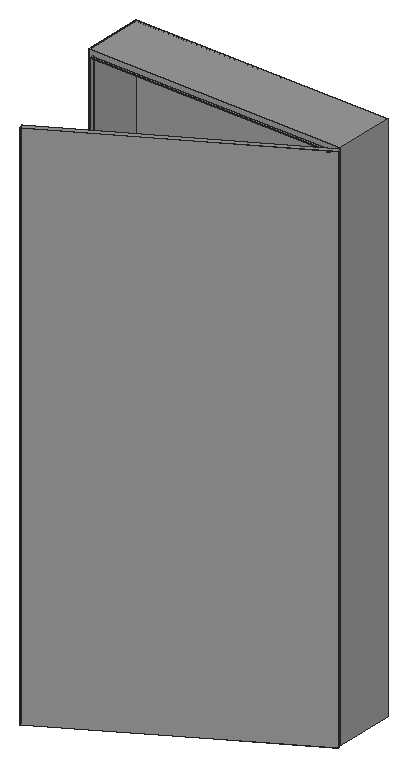
Revit family "Hager-Univers-IP44-D205-H1700-Cl.II-Encl-NoHosted-CH-en", category Equipement électrique, Revit 2020
Family settings
  Configuration du panneau = Deux colonnes, circuits au sein
  Cote de connecteur circulaire = Utiliser le diamètre
  Type d'élément = Tableau de raccordement
  Basée sur le plan de construction = Oui
  Toujours verticalement = Oui
  Couper avec des vides une fois chargée = Non
  Partagée = Non
  Point de calcul de pièce = Non
Parameters (values of type "Surface mounted (plaster) IP44 W800 H1700 D205  - FP13SN2")
  Width Control [instance] = if([EF000008 - Width] > Min Width, [EF000008 - Width], Min Width)  # 800 mm
  Commentaires du type = [HG000003 - Range]  # "Univers"
  Thickness Door [instance] = if([EF009171 - Material plate thickness door/cover] > 3 mm, 3 mm, [EF009171 - Material plate thickness door/cover])  # 1 mm
  Seal Frame Offset [instance] = 17 mm  # constant formula
  Plinth Visibility [instance] = [HG000027 - Plinth height] > 0 mm  # no
  Min Width [instance] = 100 mm  # constant formula
  Min Depth [instance] = (2 * [EF009170 - Material plate thickness cabinet]) + 1 mm  # 3 mm
  Min Height [instance] = 100 mm  # constant formula
  Internal Frame Depth [instance] = (Door System Depth * 0.5)  # 9 mm
  Panel Name [instance] = ""  # (empty or 0)
  Model = ""
  HG000027 - Plinth height = 0 mm
  HG000026 - Floor standing = no
  HG000024 - Bottom section height = 600 mm
  HG000023 - Double section enclosure = no
  HG000016 - Door 3d visibility [instance] = yes
  HG000015 - Clearance visibility [instance] = no
  HG000014 - Door on the right [instance] = yes
  HG000013 - Door on the left [instance] = not([HG000014 - Door on the right])  # no
  HG000012 - Door swing angle [instance] = 30.00°
  HG000010 - Asymmetric doors = no
  HG000009 - Double swing door = no
  HG000006 - Flush mounted = no
  HG000004 - Manufacturer reference = "FP13SN2"
  HG000003 - Range = "Univers"
  HG000002 - With door or cover = yes
  Frame Offset Bottom [instance] = 10 mm  # constant formula
  Frame Offset [instance] = 15 mm  # constant formula
  EF015940 - Cover with overpressure release = no
  EF011959 - Degree of protection (NEMA) = ""
  EF009554 - Number of openings for flange plates = 6
  EF009212 - Cover model = "EV000116 - Closed"
  EF009171 - Material plate thickness door/cover = 1 mm
  EF009170 - Material plate thickness cabinet = 1 mm
  EF008873 - Nominal current (In) = 400 A
  EF007800 - Suitable for lightning protection = no
  EF006306 - With lock = no
  EF006244 - Transparent cover/door = no
  EF005474 - Degree of protection (IP) = "EV006418 - IP44"
  EF004464 - Type of door = "EV002646 - Single"
  EF004427 - Number of modules = 396
  EF004293 - Impact strength = "EV006815 - IK09"
  EF003532 - Suitable for outdoor use = no
  EF002950 - Width in number of modular spacings = 36
  EF001613 - Circuit integrity = "EV000494 - None"
  EF001596 - Material housing = "EV000179 - Steel"
  EF001131 - Internal depth = 143 mm
  EF001088 - Extension possible = yes
  EF000437 - Number of conduit inlets = 6
  EF000339 - Type of cover = "EV001012 - Cover"
  EF000266 - Number of rows = 11
  EF000218 - Built-in depth = 205 mm
  EF000118 - With mounting plate = no
  EF000116 - RAL-number = "9010"
  EF000049 - Depth = 205 mm
  EF000040 - Height = 1700 mm
  EF000008 - Width = 800 mm
  EF000007 - Colour = "EV000202 - White"
  EF000003 - Mounting method = "EV000384 - Surface mounted (plaster)"
  Door System Leaf Tolerance [instance] = 1.5 mm  # constant formula
  Door System Depth [instance] = 18 mm  # constant formula
  Door Height [instance] = Height Control - [HG000027 - Plinth height]  # 1700 mm
  Description = ""
  Default Elevation = 1219.2 mm
  Connector Offset [instance] = Height Control / 2  # 850 mm
  Fabricant = "Hager"  # constant formula
  Height Control [instance] = if([EF000040 - Height] > Min Height, [EF000040 - Height], Min Height)  # 1700 mm
  Depth Control [instance] = if([EF000049 - Depth] > Min Depth, [EF000049 - Depth], Min Depth)  # 205 mm
  Bottom Top Plate Trim [instance] = 1.5 mm  # constant formula
  Plinth height Ctrl [instance] = if([HG000027 - Plinth height] > 0 mm, [HG000027 - Plinth height], 12 mm)  # 12 mm
Types (5, lengths in mm): name | Width Control | HG000010 - Asymmetric doors | HG000009 - Double swing door | HG000004 - Manufacturer reference | EF009554 - Number of openings for flange plates | EF008873 - Nominal current (In) | EF004464 - Type of door | EF004427 - Number of modules | EF002950 - Width in number of modular spacings | EF000437 - Number of conduit inlets | EF000008 - Width
  Surface mounted (plaster) IP44 W1050 H1700 D205  - FP14SN2 | 1050 | no | yes | "FP14SN2" | 8 | 400 A | "EV003602 - Double" | 528 | 48 | 8 | 1050
  Surface mounted (plaster) IP44 W1300 H1700 D205  - FP15SN2 | 1300 | yes | yes | "FP15SN2" | 10 | 400 A | "EV003602 - Double" | 660 | 60 | 10 | 1300
  Surface mounted (plaster) IP44 W300 H1700 D205  - FP11SN2 | 300 | no | no | "FP11SN2" | 2 | 250 A | "EV002646 - Single" | 132 | 12 | 2 | 300
  Surface mounted (plaster) IP44 W550 H1700 D205  - FP12SN2 | 550 | no | no | "FP12SN2" | 4 | 250 A | "EV002646 - Single" | 264 | 24 | 4 | 550
  Surface mounted (plaster) IP44 W800 H1700 D205  - FP13SN2 | 800 | no | no | "FP13SN2" | 6 | 400 A | "EV002646 - Single" | 396 | 36 | 6 | 800
Reference planes
  plane 1 "Center (Front/Back)": y = 0
  plane 2: z = 0
  plane 3 "Center (Left/Right)": x = 0
  plane 4: y = 0
  plane 5: y = 0
  plane 6: z = 0
  plane 7: x = -400
  plane 8: x = 400
  plane 9: x = 399
  plane 10: x = -399
  plane 11: z = 0
  plane 12: z = 1
  plane 13: y = -205
  plane 14: y = -1
  plane 15: x = 0
  plane 16: y = -187
  plane 17: y = -204
  plane 18: y = -186
  plane 19: x = -384
  plane 20: x = 384
  plane 21: z = 11
  plane 22: x = -383
  plane 23: x = 383
  plane 24: z = 0
  plane 25: z = 1700
  plane 26: z = 1700
  plane 27: z = 1684
  plane 28: z = 1699
Forms (mm)
  Extrusion 1, solid, material "Hager_Steel_RAL7035_Light_Grey", detail levels medium+fine
    sketch origin (-208.679, -4572, 0) x (-1, 0, 0) y (0, -1, 0)
      loop
        line (191.321, -4385) -> (-608.679, -4385) -> (-608.679, -4572) -> (191.321, -4572) -> (191.321, -4385)
    from 0 to 1700
  Extrusion 2, void
    sketch origin (-350.771, -205, 1219.2) x (1, 0, 0) y (0, 0, 1)
      loop
        line (-48.229, 479.8) -> (-48.229, -1218.2) -> (749.771, -1218.2) -> (749.771, 479.8) -> (-48.229, 479.8)
    from -19 to -204
  Extrusion 3, void
    sketch origin (-290.084, -187, 1219.2) x (1, 0, 0) y (0, 0, 1)
      loop
        line (-93.916, -1208.2) -> (674.084, -1208.2) -> (674.084, 464.8) -> (-93.916, 464.8) -> (-93.916, -1208.2)
    from 0 to -1
  Extrusion 4, solid, material "Hager_Steel_RAL7035_Light_Grey", visible <- "Plinth Visibility", detail levels medium+fine
    sketch origin (0, 0, 0) x (1, 0, 0) y (0, 1, 0)
      loop
        line (-400, 0) -> (-400, -187) -> (400, -187) -> (400, 0) -> (-400, 0)
    from 0 to 12 <- "Plinth height Ctrl"
  Extrusion 5, solid, material "Hager_Steel_RAL7035_Light_Grey", detail levels coarse
    sketch origin (0, 0, 0) x (1, 0, 0) y (0, 1, 0)
      loop
        line (-400, 0) -> (-400, -205) -> (400, -205) -> (400, 0) -> (-400, 0)
    from 0 to 1700 <- "Height Control"
  Sweep 6, void
    path in 3D
      loop
        line (-400, -187, 12) -> (400, -187, 12) -> (400, 0, 12) -> (-400, 0, 12) -> (-400, -187, 12)
    profile origin (-400, -93.5, 12) x (1, 0, 0) y (0, 0, 1)
      loop
        line (0, 0) -> (0, -1.5) -> (1.5, -1.5)
        arc (1.5, -1.5) -> (1.061, -0.439) -> (0, 0) r 1.5
  Extrusion 7, solid, material "Hager_Steel_RAL7035_Light_Grey", detail levels fine
    sketch origin (-400, -187, 0) x (1, 0, 0) y (0, 0, 1)
      loop
        line (16, 11) -> (784, 11) -> (784, 1684) -> (16, 1684) -> (16, 11)
      loop
        line (15, 10) -> (785, 10) -> (785, 1685) -> (15, 1685) -> (15, 10)
    from 0 to 9 <- "Internal Frame Depth"
Cuts and joins
  Extrusion 2, Extrusion 3 cuts Extrusion 1
  Sweep 6 cuts Extrusion 4
Lines and regions (mm)
  Masking region 1
    outline origin (0, 0, 0) x (1, 0, 0) y (0, 1, 0)
      loop
        line (-400, 0) -> (-400, -205) -> (400, -205) -> (400, 0) -> (-400, 0)
  Masking region 2, detail levels coarse
    outline origin (-290.084, -187, 1219.2) x (-1, 0, 0) y (0, 0, 1)
      loop
        line (-690.084, -1219.2) -> (109.916, -1219.2) -> (109.916, 480.8) -> (-690.084, 480.8) -> (-690.084, -1219.2)
  Masking region 3, detail levels coarse
    outline origin (0, 0, 0) x (0, 1, 0) y (0, 0, 1)
      loop
        line (0, 0) -> (0, 1700) -> (-205, 1700) -> (-205, 0) -> (0, 0)
  Masking region 4, visible <- "Plinth Visibility", detail levels medium+fine
    outline origin (0, 0, 0) x (0, 1, 0) y (0, 0, 1)
      loop
        line (-1.5, 12) -> (-185.5, 12)
        arc (-185.5, 12) -> (-185.939, 10.939) -> (-187, 10.5) r 1.5
        line (-187, 10.5) -> (-187, 0) -> (0, 0) -> (0, 10.5)
        arc (0, 10.5) -> (-1.061, 10.939) -> (-1.5, 12) r 1.5
  Masking region 5, detail levels medium+fine
    outline origin (0, 0, 594.038) x (0, 1, 0) y (0, 0, 1)
      loop
        line (0, -594.038) -> (0, 1105.962) -> (-187, 1105.962) -> (-187, -594.038) -> (0, -594.038)
  Masking region 6, detail levels medium+fine
    outline origin (-359.7, -187, 1211.883) x (-1, 0, 0) y (0, 0, 1)
      loop
        line (-759.7, -1211.883) -> (40.3, -1211.883) -> (40.3, 488.117) -> (-759.7, 488.117) -> (-759.7, -1211.883)
  Masking region 7, visible <- "Plinth Visibility", detail levels medium+fine
    outline origin (-320.334, -187, 1041.368) x (-1, 0, 0) y (0, 0, 1)
      loop
        line (-720.334, -1041.368) -> (79.666, -1041.368) -> (79.666, -1030.868)
        arc (79.666, -1030.868) -> (78.606, -1030.429) -> (78.166, -1029.368) r 1.5
        line (78.166, -1029.368) -> (-718.834, -1029.368)
        arc (-718.834, -1029.368) -> (-719.273, -1030.429) -> (-720.334, -1030.868) r 1.5
        line (-720.334, -1030.868) -> (-720.334, -1041.368)
  sketch lines
    curve 1: line (-400, 0, 12) -> (-400, -187, 12)
    curve 2: line (-400, -187, 12) -> (400, -187, 12)
    curve 3: line (400, 0, 12) -> (-400, 0, 12)
    curve 4: line (400, -187, 12) -> (400, 0, 12)
Dimensions and locks
  locked: plane 1 "Center (Front/Back)" to plane 5
  "EF009170 - Material plate thickness cabinet": plane 7 to plane 10
  "EF009170 - Material plate thickness cabinet": plane 8 to plane 9
  equal spacing: plane 7, plane 3 "Center (Left/Right)", plane 8
  "Width Control": plane 7 to plane 8
  "Depth Control": plane 4 to plane 13
  "EF009170 - Material plate thickness cabinet": plane 4 to plane 14
  "Height Control": plane 25 to level
  "HG000027 - Plinth height": plane 11 to level
  "EF009170 - Material plate thickness cabinet": plane 12 to plane 11
  "EF009170 - Material plate thickness cabinet": plane 17 to plane 13
  "EF009170 - Material plate thickness cabinet": plane 18 to plane 16
  "Frame Offset Bottom": plane 21 to plane 12
  "Frame Offset": plane 10 to plane 19
  "Frame Offset": plane 9 to plane 20
  "Door System Depth": plane 16 to plane 13
  "Seal Frame Offset": plane 7 to plane 22
  "Seal Frame Offset": plane 8 to plane 23
  "EF009170 - Material plate thickness cabinet": plane 26 to plane 28
  "Frame Offset": plane 28 to plane 27
  "Connector Offset": plane 2 to connector elem
  "Bottom Top Plate Trim": profile plane to Sweep 6 sketch curve
  "Bottom Top Plate Trim": Sweep 6 sketch curve to Sweep 6 sketch curve
  "Plinth height Ctrl": Masking region 4 sketch curve to level
  "Plinth height Ctrl": Masking region 7 sketch curve to level
  "Thickness Door": Extrusion 7 sketch curve to Extrusion 7 sketch curve  (x4)
  "Bottom Top Plate Trim": radius of Sweep 6 sketch curve
  "Bottom Top Plate Trim": radius of Masking region 4 sketch curve  (x2)
  "Bottom Top Plate Trim": radius of Masking region 7 sketch curve  (x2)
  aligned and locked: Extrusion 2 sketch curve to plane 12
  aligned and locked: Extrusion 2 sketch curve to plane 9
  aligned and locked: Extrusion 2 sketch curve to plane 10
  aligned and locked: Extrusion 2 to plane 14
  aligned and locked: Extrusion 1 sketch curve to plane 4
  aligned and locked: plane 8 to Extrusion 1 sketch curve
  aligned and locked: plane 7 to Extrusion 1 sketch curve
  aligned and locked: Extrusion 2 to plane 18
  aligned and locked: Extrusion 3 sketch curve to plane 19
  aligned and locked: plane 20 to Extrusion 3 sketch curve
  aligned and locked: Extrusion 3 to Extrusion 2
  aligned and locked: Extrusion 3 sketch curve to plane 21
  aligned and locked: plane 3 "Center (Left/Right)" to nested 1
  aligned and locked: Extrusion 1 sketch curve to plane 16
  aligned and locked: Extrusion 4 sketch curve to cut or joined group of Extrusion 1, Extrusion 2, Extrusion 3
  aligned and locked: Masking region 1 sketch curve to plane 7
  aligned and locked: Masking region 1 sketch curve to plane 5
  aligned and locked: Masking region 1 sketch curve to plane 8
  aligned and locked: Masking region 2 sketch curve to level
  aligned and locked: level to Masking region 3 sketch curve
  aligned and locked: plane 1 "Center (Front/Back)" to Masking region 3 sketch curve
  aligned and locked: plane 13 to Masking region 3 sketch curve
  aligned and locked: plane 5 to Masking region 4 sketch curve
  aligned and locked: Masking region 2 sketch curve to plane 8
  aligned and locked: Masking region 2 sketch curve to plane 7
  aligned and locked: plane 7 to nested 2
  aligned and locked: nested 2 to plane 5
  aligned and locked: plane 5 to Masking region 5 sketch curve
  aligned and locked: plane 26 to Masking region 5 sketch curve
  aligned and locked: Extrusion 5 sketch curve to plane 8
  aligned and locked: Extrusion 5 sketch curve to plane 7
  aligned and locked: Extrusion 5 sketch curve to plane 5
  aligned and locked: Extrusion 3 sketch curve to plane 27
  aligned and locked: Extrusion 2 sketch curve to plane 28
  aligned and locked: Masking region 2 to plane 25
  aligned and locked: Extrusion 4 to plane 16
  aligned and locked: profile plane to Sweep 6 sketch curve
  aligned and locked: Masking region 5 sketch curve to plane 24
  aligned and locked: level to Masking region 4 sketch curve
  aligned and locked: Masking region 1 to plane 13
  aligned and locked: nested 1 to plane 16
  aligned and locked: Masking region 3 to plane 25
  aligned and locked: plane 16 to Masking region 4 sketch curve
  aligned and locked: Masking region 5 sketch curve to plane 16
  aligned and locked: plane 24 to plane 11
  aligned and locked: plane 26 to plane 25
  aligned and locked: plane 26 to cut or joined group of Extrusion 1, Extrusion 2, Extrusion 3
  aligned and locked: nested 1 to plane 24
  aligned and locked: Extrusion 1 to Extrusion 3
  aligned and locked: Masking region 6 sketch curve to plane 8
  aligned and locked: Masking region 6 sketch curve to plane 24
  aligned and locked: Masking region 6 sketch curve to plane 7
  aligned and locked: Masking region 6 sketch curve to plane 26
  aligned and locked: Masking region 7 sketch curve to plane 7
  aligned and locked: level to Masking region 7 sketch curve
  aligned and locked: Masking region 7 sketch curve to plane 8
  aligned and locked: Extrusion 7 sketch curve to cut or joined group of Extrusion 1, Extrusion 2, Extrusion 3  (x4)
Automatic sketch dimensions
  plane 19 to Extrusion 3 sketch curve = 0 mm
  Extrusion 3 sketch curve to plane 20 = 0 mm
  Extrusion 3 sketch curve to plane 21 = 0 mm
  Extrusion 4 sketch curve to plane 7 = 0 mm
  Extrusion 4 sketch curve to plane 8 = 0 mm
  Extrusion 4 sketch curve to plane 16 = 0 mm
  Masking region 1 sketch curve to plane 13 = 0 mm
  Masking region 2 sketch curve to plane 25 = 0 mm
  Masking region 3 sketch curve to plane 25 = 0 mm
  Extrusion 5 sketch curve to plane 13 = 0 mm
  profile plane to Sweep 6 sketch curve = 0 mm
Nested families
  nested 1: "EC000058_Univers_Door" at (0, -187, 0), Double <- "HG000009 - Double swing door", Transparent <- "EF006244 - Transparent cover/door", Angle <- "HG000012 - Door swing angle", Door_Right <- "HG000014 - Door on the right", Assymetrical <- "HG000010 - Asymmetric doors", Door <- "HG000002 - With door or cover", Width_Ctrl <- "Width Control", 3d_Door <- "HG000016 - Door 3d visibility", Clearance <- "HG000015 - Clearance visibility", Door_Left <- "HG000013 - Door on the left", Width <- "Width Control", Door_Depth <- "Door System Depth", Leaf_Tolerance <- "Door System Leaf Tolerance", Height <- "Door Height", Lock_Visibility <- "EF006306 - With lock", Thickness <- "Thickness Door", type "EC000058_Univers_Door", detail levels medium+fine
    with min_wh 3 mm, Width_Ctrl 800 mm, Width 800 mm, Transparent no, Thickness 1 mm, Seal_Material Hager_Rubber, Lock_Visibility no, Lock_Material Hager_Plastic_RAL9005_Jet_Black, Leaf_Width 800 mm, Leaf_Tolerance_External_Sides 0 mm, Leaf_Tolerance 1.5 mm, Leaf_Offset 0 mm, Leaf_Height 1697 mm, Leaf_2_Width 800 mm, Leaf_2_Offset 400 mm, Leaf_1_Width 800 mm, Leaf_1_Offset 400 mm, Height_Ctrl 1700 mm, Height 1700 mm, Glass_Material Hager_Glass, Double_Clearance_Ctrl no, Double no, Door_Right_Ctrl yes, Door_Right yes, Door_Material Hager_Steel_RAL7035_Light_Grey, Door_Left_Ctrl no, Door_Left no, Door_Depth 18 mm, Door yes, Clearance_Material Hager_Clearance, Clearance_Depth 800 mm, Clearance_Ctrl no, Clearance no, Assymetrical no, Angle 30.00°, 3d_Door yes
  nested 2: "Hager_Enclosure_Symbol" at (-400, 0, 0), Height <- "Depth Control", Width <- "Width Control", type "Hager_Enclosure_Symbol"
    with Width_Ctrl 800 mm, Width 800 mm, Height_Ctrl 205 mm, Height 205 mm, A_Width_Int 13.453 mm, A_Width 161.438 mm, A_Height_Ctrl 179.375 mm, A_Height 179.375 mm
Connectors
  electrical at (0, 0, 850)
    settings: on plane 1 "Center (Front/Back)", index 1, voltage 0 V, apparent load 0 VA, apparent load phase1 0 VA, apparent load phase2 0 VA, apparent load phase3 0 VA, power factor 1, load classification "Other", number of poles 1, system type 30, power factor state 1, is connector primary yes, connector utility no, sub classification motor no, connector description ""
Definition of nested family "EC000058_Univers_Door"
  Parameters (values of type "EC000058_Univers_Door")
    min_wh [instance] = (2 * Thickness) + 1 mm  # 11 mm
    Width_Ctrl [instance] = 400 mm
    Width [instance] = 500 mm
    Transparent [instance] = yes
    Thickness [instance] = 5 mm
    Seal_Material [instance] = none
    Lock_Visibility [instance] = yes
    Lock_Material [instance] = none
    Leaf_Width [instance] = if((Width_Ctrl - 2 * Leaf_Tolerance_External_Sides) > 0 mm, (Width_Ctrl - 2 * Leaf_Tolerance_External_Sides), min_wh)  # 400 mm
    Leaf_Tolerance_External_Sides [instance] = 0 mm  # constant formula
    Leaf_Tolerance [instance] = 1.5 mm
    Leaf_Offset [instance] = 0 mm  # constant formula
    Leaf_Height [instance] = if((Height_Ctrl - 2 * Leaf_Tolerance) > 0 mm, (Height_Ctrl - 2 * Leaf_Tolerance), min_wh)  # 497 mm
    Leaf_2_Width [instance] = if(and(and(Double, Assymetrical), Door_Left), (Leaf_Width / 3) - (Leaf_Tolerance / 2), if(and(and(Double, Assymetrical), Door_Right), (Leaf_Width / 3) * 2 - (Leaf_Tolerance / 2), if(and(Double, not(Assymetrical)), (Leaf_Width / 2) - Leaf_Tolerance, Leaf_Width)))  # 400 mm
    Leaf_2_Offset [instance] = if(and(Double, Assymetrical), Leaf_2_Width / 2, if(and(Double, not(Assymetrical)), Leaf_Width / 4, Leaf_Width / 2))  # 200 mm
    Leaf_1_Width [instance] = if(and(and(Double, Assymetrical), Door_Right), (Leaf_Width / 3) - (Leaf_Tolerance / 2), if(and(and(Double, Assymetrical), Door_Left), (Width / 3) * 2 - (Leaf_Tolerance / 2), if(and(Double, not(Assymetrical)), (Leaf_Width / 2) - Leaf_Tolerance, Leaf_Width)))  # 400 mm
    Leaf_1_Offset [instance] = if(and(Double, Assymetrical), Leaf_1_Width / 2, if(and(Double, not(Assymetrical)), Leaf_Width / 4, Leaf_Width / 2))  # 200 mm
    Height_Ctrl [instance] = if(Height > min_wh, Height, min_wh)  # 500 mm
    Height [instance] = 500 mm
    Glass_Material [instance] = none
    Double_Clearance_Ctrl [instance] = and(Double, Clearance)  # no
    Double [instance] = no
    Door_Right_Ctrl [instance] = and(or(Door_Right, Double), Door)  # yes
    Door_Right [instance] = yes
    Door_Material [instance] = none
    Door_Left_Ctrl [instance] = and(or(Door_Left, Double), Door)  # no
    Door_Left [instance] = no
    Door_Depth [instance] = 30 mm
    Door [instance] = yes
    Default Elevation = 1219.2 mm
    Clearance_Material [instance] = none
    Clearance_Depth [instance] = if(Leaf_1_Width > Leaf_2_Width, Leaf_1_Width, Leaf_2_Width)  # 400 mm
    Clearance_Ctrl [instance] = and(not(Double), Clearance)  # yes
    Clearance [instance] = yes
    Assymetrical [instance] = yes
    Angle [instance] = 30.00°
    3d_Door [instance] = yes
  Reference planes
    plane 1 "Center (Front/Back)": y = 0
    plane 2 "Bottom": z = 0
    plane 3 "Center (Left/Right)": x = 0
    plane 4: z = 500
    plane 5: x = -200
    plane 6: x = 200
    plane 7: z = 500
    plane 8: x = -200
    plane 9: z = 0
    plane 10: x = 200
    plane 11: y = 0
    plane 12: z = 1.5
    plane 13: x = -600
    plane 14: y = -400
    plane 15: x = 600
    plane 16: x = 0
    plane 17: x = 0
    plane 18: x = -200
    plane 19: x = 200
    plane 20: z = 498.5
  Forms (mm)
    Extrusion 1, solid, material <- "Clearance_Material", visible <- "Double_Clearance_Ctrl"
      sketch origin (1200, 0, 0) x (1, 0, 0) y (0, 0, -1)
        loop
          line (-1800, -498.5) -> (-600, -498.5) -> (-600, 0) -> (-1800, 0) -> (-1800, -498.5)
      from 0 to -400
  Dimensions and locks
    equal spacing: plane 5, plane 3 "Center (Left/Right)", plane 6
    "Width_Ctrl": plane 5 to plane 6
    "Leaf_Offset": plane 5 to plane 8
    "Leaf_Offset": plane 6 to plane 10
    "Leaf_Offset": plane 9 to level
    "Leaf_Offset": plane 4 to plane 7
    "Height_Ctrl": plane 4 to level
    "Leaf_Tolerance": plane 12 to plane 9
    locked: plane 11 to plane 1 "Center (Front/Back)"
    "Leaf_1_Offset": plane 18 to plane 16
    "Leaf_2_Offset": plane 17 to plane 19
    "Leaf_1_Width": plane 13 to plane 8
    "Leaf_2_Width": plane 10 to plane 15
    "Clearance_Depth": plane 14 to plane 1 "Center (Front/Back)"
    "Leaf_Tolerance_External_Sides": plane 8 to plane 18
    "Leaf_Tolerance_External_Sides": plane 19 to plane 10
    "Leaf_Tolerance": plane 7 to plane 20
    aligned and locked: level to plane 2 "Bottom"
    aligned and locked: nested 1 to plane 16
    aligned and locked: nested 2 to plane 17
    aligned and locked: Extrusion 1 to plane 13
    aligned and locked: plane 15 to Extrusion 1
    aligned and locked: Extrusion 1 to plane 14
    aligned and locked: plane 12 to nested 1
    aligned and locked: nested 2 to plane 12
    aligned and locked: Extrusion 1 to plane 11
    aligned and locked: plane 20 to Extrusion 1
    aligned and locked: nested 2 to plane 11
    aligned and locked: nested 1 to plane 11
  Automatic sketch dimensions
    Extrusion 1 sketch curve to level = 0 mm
    plane 5 to Extrusion 1 sketch curve = 400 mm
    plane 6 to Extrusion 1 sketch curve = 400 mm
    Extrusion 1 sketch curve to plane 4 = 1.5 mm
  Nested families
    nested 1: "EC000058_Univers_Door_Leaf" at (0, 0, 1.5), Width <- "Leaf_1_Width", visible <- "Door_Left_Ctrl", Leaf_Height <- "Leaf_Height", Angle <- "Angle", 3d_Door <- "3d_Door", Transparent <- "Transparent", Clearance Material <- "Clearance_Material", Clearance <- "Clearance_Ctrl", Door_Material <- "Door_Material", Glass_Material <- "Glass_Material", Door_Depth <- "Door_Depth", Lock_Material <- "Lock_Material", Seal_Material <- "Seal_Material", Lock_Visibility <- "Lock_Visibility", Thickness <- "Thickness", type "EC000058_Univers_Door_Leaf"
      with Width 400 mm, Transparent_Glass_Offset 30 mm, Transparent_Ctrl yes, Transparent yes, Thickness 5 mm, Standard no, Seal_Material none, Seal_D2 8 mm, Seal_D1 1 mm, Offset_Internal_Frame 10 mm, Lock_Width 20 mm, Lock_Visibility_3d yes, Lock_Visibility yes, Lock_Thickness_3 3 mm, Lock_Thickness_2 1 mm, Lock_Thickness_1 3 mm, Lock_Radius_Offset_2 16 mm, Lock_Radius_Offset_1 15 mm, Lock_Radius_2 5 mm, Lock_Radius 6 mm, Lock_Offset 5 mm, Lock_Material none, Lock_Height 80 mm, Lock_Cover_Top_Offset_2d 17 mm, Lock_Cover_Height -65 mm, Leaf_Height 497 mm, Internal_Seal_Thickness 8 mm, Internal_Seal_Depth_2 4.5 mm, Internal_Frame_Depth 25 mm, Glass_Thickness -1 mm, Glass_Offset -2 mm, Glass_Material none, Door_Material none, Door_Depth 30 mm, Clearance Material none, Clearance yes, Angle_Ctrl 30.00°, Angle 30.00°, 3d_Door yes
    nested 2: "EC000058_Univers_Door_Leaf" at (0, 0, 1.5) x (-1, 0, 0) z (0, 0, 1), Width <- "Leaf_2_Width", visible <- "Door_Right_Ctrl", Leaf_Height <- "Leaf_Height", Angle <- "Angle", 3d_Door <- "3d_Door", Transparent <- "Transparent", Clearance Material <- "Clearance_Material", Clearance <- "Clearance_Ctrl", Door_Material <- "Door_Material", Glass_Material <- "Glass_Material", Door_Depth <- "Door_Depth", Lock_Material <- "Lock_Material", Seal_Material <- "Seal_Material", Lock_Visibility <- "Lock_Visibility", Thickness <- "Thickness", type "EC000058_Univers_Door_Leaf"
      with Width 400 mm, Transparent_Glass_Offset 30 mm, Transparent_Ctrl yes, Transparent yes, Thickness 5 mm, Standard no, Seal_Material none, Seal_D2 8 mm, Seal_D1 1 mm, Offset_Internal_Frame 10 mm, Lock_Width 20 mm, Lock_Visibility_3d yes, Lock_Visibility yes, Lock_Thickness_3 3 mm, Lock_Thickness_2 1 mm, Lock_Thickness_1 3 mm, Lock_Radius_Offset_2 16 mm, Lock_Radius_Offset_1 15 mm, Lock_Radius_2 5 mm, Lock_Radius 6 mm, Lock_Offset 5 mm, Lock_Material none, Lock_Height 80 mm, Lock_Cover_Top_Offset_2d 17 mm, Lock_Cover_Height -65 mm, Leaf_Height 497 mm, Internal_Seal_Thickness 8 mm, Internal_Seal_Depth_2 4.5 mm, Internal_Frame_Depth 25 mm, Glass_Thickness -1 mm, Glass_Offset -2 mm, Glass_Material none, Door_Material none, Door_Depth 30 mm, Clearance Material none, Clearance yes, Angle_Ctrl 30.00°, Angle 30.00°, 3d_Door yes
  Definition of nested family "EC000058_Univers_Door_Leaf"
    Parameters (values of type "EC000058_Univers_Door_Leaf")
      Width [instance] = 2000 mm
      Transparent_Glass_Offset [instance] = 30 mm
      Transparent_Ctrl [instance] = and(Transparent, [3d_Door])  # yes
      Transparent [instance] = yes
      Thickness [instance] = 5 mm
      Standard [instance] = and(not(Transparent), [3d_Door])  # no
      Seal_Material [instance] = none
      Seal_D2 [instance] = 8 mm  # constant formula
      Seal_D1 [instance] = 1 mm  # constant formula
      Offset_Internal_Frame [instance] = 10 mm  # constant formula
      Lock_Width [instance] = 20 mm  # constant formula
      Lock_Visibility_3d [instance] = and(Lock_Visibility, [3d_Door])  # yes
      Lock_Visibility [instance] = yes
      Lock_Thickness_3 [instance] = 3 mm  # constant formula
      Lock_Thickness_2 [instance] = 1 mm  # constant formula
      Lock_Thickness_1 [instance] = 3 mm  # constant formula
      Lock_Radius_Offset_2 [instance] = Lock_Radius_Offset_1 + 1 mm  # 16 mm
      Lock_Radius_Offset_1 [instance] = 15 mm  # constant formula
      Lock_Radius_2 [instance] = Lock_Radius - 1 mm  # 5 mm
      Lock_Radius [instance] = 6 mm  # constant formula
      Lock_Offset [instance] = 5 mm  # constant formula
      Lock_Material [instance] = none
      Lock_Height [instance] = 80 mm  # constant formula
      Lock_Cover_Top_Offset_2d [instance] = Lock_Radius_Offset_2 + 1 mm  # 17 mm
      Lock_Cover_Height [instance] = -(Lock_Height - Lock_Radius_Offset_1)  # -65 mm
      Leaf_Height [instance] = 2720.336 mm
      Internal_Seal_Thickness [instance] = 8 mm  # constant formula
      Internal_Seal_Depth_2 [instance] = 4.5 mm  # constant formula
      Internal_Frame_Depth [instance] = if(Door_Depth - Thickness > 5 mm, Door_Depth - Thickness, 5 mm)  # 25 mm
      Glass_Thickness [instance] = if(Thickness > 15 mm, Glass_Offset + 10 mm, -1 mm)  # -1 mm
      Glass_Offset [instance] = if(Thickness > 15 mm, -(Thickness + 10 mm) / 2, -2 mm)  # -2 mm
      Glass_Material [instance] = none
      Door_Material [instance] = none
      Door_Depth [instance] = 30 mm
      Default Elevation = 0 mm
      Clearance Material [instance] = none
      Clearance [instance] = yes
      Angle_Ctrl [instance] = if(Angle > 180.00°, 180.00°, Angle)  # 90.00°
      Angle [instance] = 90.00°
      3d_Door [instance] = yes
    Reference planes
      plane 1 "Center (Front/Back)": y = 0
      plane 2: z = 0
      plane 3 "Center (Left/Right)": x = 0
      plane 4: y = 2000
      plane 5: x = -1000
      plane 6: x = 1000
      plane 7: x = -3000
      plane 8: z = 2720.336
      plane 9: z = 30
      plane 10: z = 2690.336
      plane 11: x = 970
      plane 12: x = -970
      plane 13: y = -3
      plane 14: z = 107.833
      plane 15: y = -5
      plane 16: y = -223.314
      plane 17: x = -1000
      plane 18: z = 1360.168
      plane 19: y = 30
    Forms (mm)
      Extrusion 1, solid, material <- "Clearance Material", visible <- "Clearance"
        sketch origin (0, 0, 0) x (1, 0, 0) y (0, 0, 1)
          loop
            line (-3000, 2720.336) -> (-3000, 0) -> (1000, 0) -> (1000, 2720.336) -> (-3000, 2720.336)
        from 0 to -2000
      Extrusion 2, solid, material <- "Door_Material", visible <- "Standard", detail levels medium+fine
        sketch origin (-1000, 0, 0) x (0, 1, 0) y (-1, 0, 0)
          loop
            line (0, 30) -> (0, 25) -> (2000, 25) -> (2000, 30) -> (0, 30)
        from 0 to 2720.336 <- "Leaf_Height"
      Extrusion 3, solid, material <- "Door_Material", visible <- "Transparent_Ctrl", detail levels medium+fine
        sketch origin (-1000, 0, 0) x (0, 1, 0) y (-1, 0, 0)
          loop
            line (0, 25) -> (2000, 25) -> (2000, 30) -> (0, 30) -> (0, 25)
        from 0 to 2720.336 <- "Leaf_Height"
      Extrusion 4, void
        sketch origin (-1025, 2000, 0) x (0, 1, 0) y (0, 0, -1)
          loop
            line (-30, -2690.336) -> (-30, -30) -> (-1970, -30) -> (-1970, -2690.336) -> (-30, -2690.336)
        from 0 to 5 <- "Thickness"
      Sweep 5, solid, material <- "Seal_Material", visible <- "Transparent_Ctrl", detail levels fine
        path in 3D
          loop
            line (-1025, 30, 30) -> (-1025, 30, 2690.336) -> (-1025, 1970, 2690.336) -> (-1025, 1970, 30) -> (-1025, 30, 30)
        profile origin (-1025, 1000, 30) x (1, 0, 0) y (0, 0, 1)
          loop
            line (0, 0) -> (0, -8) -> (1, -8) -> (1, 0) -> (0, 0)
      Extrusion 6, solid, material <- "Glass_Material", visible <- "Transparent_Ctrl", detail levels medium+fine
        sketch origin (-1030, 0, 0) x (0, 1, 0) y (0, 0, -1)
          loop
            line (1970, -2690.336) -> (1970, -30) -> (30, -30) -> (30, -2690.336) -> (1970, -2690.336)
        from -2 <- "Glass_Offset" to -1 <- "Glass_Thickness"
      Extrusion 7, solid, material <- "Door_Material", visible <- "3d_Door", detail levels medium+fine
        sketch origin (-1025, 2000, 0) x (0, -1, 0) y (0, 0, -1)
          loop
            line (0, -2720.336) -> (2000, -2720.336) -> (2000, 0) -> (0, 0) -> (0, -2720.336)
          loop
            line (1995, -5) -> (5, -5) -> (5, -2715.336) -> (1995, -2715.336) -> (1995, -5)
        from 0 to 25 <- "Internal_Frame_Depth"
      Sweep 8, solid, material <- "Seal_Material", visible <- "Transparent_Ctrl", detail levels fine
        path in 3D
          loop
            line (-1025, 0, 0) -> (-1025, 2000, 0) -> (-1025, 2000, 2720.336) -> (-1025, 0, 2720.336) -> (-1025, 0, 0)
        profile origin (-1025, 0, 1360.168) x (1, 0, 0) y (0, 1, 0)
          loop
            line (0, 10) -> (2.975, 10)
            arc (2.975, 10) -> (4.053, 10.447) -> (4.5, 11.525) r 1.525
            line (4.5, 11.525) -> (4.5, 16.527)
            arc (4.5, 16.527) -> (4.069, 17.569) -> (3.027, 18) r 1.473
            line (3.027, 18) -> (0, 18) -> (0, 10)
      Extrusion 9, solid, material <- "Lock_Material", visible <- "Lock_Visibility_3d", detail levels fine
        sketch origin (-1030, 0, 0) x (0, 1, 0) y (0, 0, -1)
          loop
            arc (1993.5, -1400.168) -> (1994.561, -1399.729) -> (1995, -1398.668) r 1.5
            line (1995, -1398.668) -> (1995, -1320.168) -> (1975, -1320.168) -> (1975, -1398.668)
            arc (1975, -1398.668) -> (1975.439, -1399.729) -> (1976.5, -1400.168) r 1.5
            line (1976.5, -1400.168) -> (1993.5, -1400.168)
        from 3 <- "Lock_Thickness_1" to 0
      Blend 10, solid, material <- "Lock_Material", visible <- "Lock_Visibility_3d", detail levels fine
        base sketch origin (-1033, 0, 0) x (0, 1, 0) y (0, 0, -1)
          loop
            line (1975, -1320.168) -> (1975, -1398.668)
            arc (1975, -1398.668) -> (1975.439, -1399.729) -> (1976.5, -1400.168) r 1.5
            line (1976.5, -1400.168) -> (1993.5, -1400.168)
            arc (1993.5, -1400.168) -> (1994.561, -1399.729) -> (1995, -1398.668) r 1.5
            line (1995, -1398.668) -> (1995, -1320.168) -> (1975, -1320.168)
        top sketch origin (-1033, 0, 0) x (0, 1, 0) y (0, 0, -1)
          loop
            line (1976, -1320.168) -> (1976, -1398.668)
            arc (1976, -1398.668) -> (1976.146, -1399.022) -> (1976.5, -1399.168) r 0.5
            line (1976.5, -1399.168) -> (1993.5, -1399.168)
            arc (1993.5, -1399.168) -> (1993.854, -1399.022) -> (1994, -1398.668) r 0.5
            line (1994, -1398.668) -> (1994, -1320.168) -> (1976, -1320.168)
        from 0 to 1 <- "Lock_Thickness_2"
      Blend 11, solid, material <- "Lock_Material", visible <- "Lock_Visibility_3d", detail levels fine
        base sketch origin (-1034, 0, 0) x (0, 1, 0) y (0, 0, -1)
          loop
            line (1978, -1320.168) -> (1978, -1384.168)
            arc (1978, -1384.168) -> (1985, -1391.168) -> (1992, -1384.168) r 7
            line (1992, -1384.168) -> (1992, -1320.168) -> (1978, -1320.168)
        top sketch origin (-1034, 0, 0) x (0, 1, 0) y (0, 0, -1)
          loop
            line (1991, -1320.168) -> (1979, -1320.168) -> (1979, -1383.168)
            arc (1979, -1383.168) -> (1985, -1389.168) -> (1991, -1383.168) r 6
            line (1991, -1383.168) -> (1991, -1320.168)
        from 0 to 3 <- "Lock_Thickness_3"
      Extrusion 12, solid, material <- "Lock_Material", visible <- "Lock_Visibility_3d", detail levels fine
        sketch origin (-1030, 1975, 1320.168) x (1, 0, 0) y (0, -1, 0)
          loop
            line (-7, -19) -> (-7, -1) -> (0, -1) -> (0, 0) -> (-8, 0) -> (-8, -20) -> (0, -20) -> (0, -19) -> (-7, -19)
        from 0 to -65 <- "Lock_Cover_Height"
      Extrusion 13, void
        sketch origin (-1038, 1995, 1320.168) x (-1, 0, 0) y (0, 0, -1)
          loop
            line (-5, -65) -> (0, -65) -> (-5, -60) -> (-5, -65)
        from 0 to 20 <- "Lock_Width"
      Extrusion 14, void
        sketch origin (-1038, 1975, 1320.168) x (0, -1, 0) y (0, 0, -1)
          loop
            circle (-10, -15.995) r 6
          loop
            circle (-10, -15.995) r 5
        from 0 to 2
      Extrusion 15, solid, material <- "Lock_Material", visible <- "Lock_Visibility_3d", detail levels medium
        sketch origin (-1030, 0, 0) x (0, 1, 0) y (0, 0, -1)
          loop
            arc (1993.5, -1400.168) -> (1994.561, -1399.729) -> (1995, -1398.668) r 1.5
            line (1995, -1398.668) -> (1995, -1320.168) -> (1975, -1320.168) -> (1975, -1398.668)
            arc (1975, -1398.668) -> (1975.439, -1399.729) -> (1976.5, -1400.168) r 1.5
            line (1976.5, -1400.168) -> (1993.5, -1400.168)
        from 8 to 0
    Cuts and joins
      Extrusion 4 cuts Extrusion 3
      Extrusion 13, Extrusion 14 cuts Extrusion 9
      Extrusion 14 cuts Blend 11
      Extrusion 13, Extrusion 14 cuts Extrusion 12
      joined: Extrusion 9, Blend 10, Blend 11, Extrusion 12
      Extrusion 14 cuts Extrusion 15
    Lines and regions (mm)
      Masking region 1, visible <- "Lock_Visibility", detail levels fine
        outline origin (0, 0, 0) x (0, 1, 0) y (0, 0, 1)
          loop
            line (30, 1320.168) -> (33, 1320.168) -> (33, 1400.168) -> (30, 1400.168) -> (30, 1320.168)
      Masking region 2, visible <- "Lock_Visibility", detail levels fine
        outline origin (0, 3.143, 0) x (0, 1, 0) y (0, 0, 1)
          loop
            line (29.857, 1354.168) -> (30.857, 1354.168) -> (30.857, 1366.168) -> (29.857, 1366.168) -> (29.857, 1354.168)
      Masking region 3, detail levels medium+fine
        outline origin (0, 0, 0) x (0, 1, 0) y (0, 0, 1)
          loop
            line (0, 0) -> (30, 0) -> (30, 2720.336) -> (0, 2720.336) -> (0, 0)
      Masking region 4, detail levels medium+fine
        outline origin (0, 0, 0) x (1, 0, 0) y (0, 0, 1)
          loop
            line (-1000, 2720.336) -> (-1000, 0) -> (1000, 0) -> (1000, 2720.336) -> (-1000, 2720.336)
      Masking region 5, visible <- "Lock_Visibility", detail levels fine
        outline origin (-47.116, 0, 0) x (1, 0, 0) y (0, 0, 1)
          loop
            arc (1024.616, 1399.168) -> (1023.556, 1398.729) -> (1023.116, 1397.668) r 1.5
            line (1023.116, 1397.668) -> (1023.116, 1320.168) -> (1041.116, 1320.168) -> (1041.116, 1397.668)
            arc (1041.116, 1397.668) -> (1040.677, 1398.729) -> (1039.616, 1399.168) r 1.5
            line (1039.616, 1399.168) -> (1024.616, 1399.168)
      Masking region 6, visible <- "Lock_Visibility", detail levels medium+fine
        outline origin (-25, 0, 0) x (1, 0, 0) y (0, 0, 1)
          loop
            arc (1001.5, 1400.168) -> (1000.439, 1399.729) -> (1000, 1398.668) r 1.5
            line (1000, 1398.668) -> (1000, 1320.168) -> (1020, 1320.168) -> (1020, 1398.668)
            arc (1020, 1398.668) -> (1019.561, 1399.729) -> (1018.5, 1400.168) r 1.5
            line (1018.5, 1400.168) -> (1001.5, 1400.168)
      Masking region 7, visible <- "Lock_Visibility", detail levels fine
        outline origin (-73.735, 0, 0) x (1, 0, 0) y (0, 0, 1)
          loop
            line (1051.735, 1382.168) -> (1065.735, 1382.168) -> (1065.735, 1384.168)
            arc (1065.735, 1384.168) -> (1058.735, 1391.168) -> (1051.735, 1384.168) r 7
            line (1051.735, 1384.168) -> (1051.735, 1382.168)
      Masking region 8, visible <- "Lock_Visibility", detail levels fine
        outline origin (-73.735, 0, 0) x (1, 0, 0) y (0, 0, 1)
          loop
            line (1052.735, 1382.168) -> (1064.735, 1382.168) -> (1064.735, 1383.168)
            arc (1064.735, 1383.168) -> (1058.735, 1389.168) -> (1052.735, 1383.168) r 6
            line (1052.735, 1383.168) -> (1052.735, 1382.168)
      Masking region 9, visible <- "Lock_Visibility", detail levels fine
        outline origin (-25, 0, 0) x (1, 0, 0) y (0, 0, 1)
          loop
            line (1020, 1320.168) -> (1020, 1382.168) -> (1000, 1382.168) -> (1000, 1320.168) -> (1020, 1320.168)
      Masking region 10, detail levels medium+fine
        outline origin (0, 0, 0) x (1, 0, 0) y (0, 0, 1)
          loop
            circle (985, 1335.144) r 6
      Masking region 11, detail levels fine
        outline origin (0, 0, 0) x (1, 0, 0) y (0, 0, 1)
          loop
            circle (985, 1335.144) r 5
      Masking region 12, visible <- "Lock_Visibility", detail levels fine
        outline origin (0, 12.767, 0) x (0, 1, 0) y (0, 0, 1)
          loop
            line (20.233, 1320.168) -> (21.233, 1320.168) -> (21.233, 1399.168) -> (20.233, 1400.168) -> (20.233, 1320.168)
      Masking region 13, visible <- "Lock_Visibility", detail levels fine
        outline origin (0, 13.767, -10) x (0, 1, 0) y (0, 0, 1)
          loop
            line (20.233, 1330.168) -> (23.233, 1330.168) -> (23.233, 1399.168) -> (20.233, 1402.168) -> (20.233, 1330.168)
      Masking region 14, visible <- "Lock_Visibility", detail levels fine
        outline origin (0, 12.767, -10) x (0, 1, 0) y (0, 0, 1)
          loop
            line (20.233, 1330.168) -> (25.233, 1330.168) -> (25.233, 1399.305) -> (20.233, 1394.305) -> (20.233, 1330.168)
      Masking region 15, visible <- "Lock_Visibility", detail levels medium
        outline origin (0, 0, 0) x (0, 1, 0) y (0, 0, 1)
          loop
            line (30, 1320.168) -> (38, 1320.168) -> (38, 1400.168) -> (30, 1400.168) -> (30, 1320.168)
      Masking region 16, visible <- "Lock_Visibility", detail levels fine
        outline origin (-1000, 0, 0) x (0, 1, 0) y (-1, 0, 0)
          loop
            line (1975, 30) -> (1995, 30) -> (1995, 38) -> (1975, 38) -> (1975, 30)
          loop
            line (1979, 37) -> (1976, 37) -> (1976, 34) -> (1978, 34) -> (1979, 37)
          loop
            line (1994, 37) -> (1991, 37) -> (1992, 34) -> (1994, 34) -> (1994, 37)
      Masking region 17, visible <- "Lock_Visibility", detail levels medium
        outline origin (-1000, 0, 0) x (0, 1, 0) y (-1, 0, 0)
          loop
            line (1975, 30) -> (1995, 30) -> (1995, 38) -> (1975, 38) -> (1975, 30)
      symbolic lines
        curve 1: line (1000, 0, 0) -> (-3000, 0, 0)
        curve 2: arc (1000, 0, 0) -> (-1000, 2000, 0) -> (-3000, 0, 0) r 2000
        curve 4: line (-1030, 0, 0) -> (-1030, 2000, 0)
      reference lines
        curve 3: line (-1000, 0, 0) -> (-1000, 2000, 0)
      symbolic lines, detail levels medium+fine
        curve 5: line (-1030, 2000, 0) -> (-1025, 2000, 0)
        curve 7: line (-1025, 0, 0) -> (-1030, 0, 0)
        curve 8: line (-1025, 0, 0) -> (-1000, 0, 0)
        curve 9: line (-1000, 0, 0) -> (-1000, 2000, 0)
        curve 10: line (-1000, 2000, 0) -> (-1025, 2000, 0)
      symbolic lines, detail levels fine
        curve 6: line (-1025, 2000, 0) -> (-1025, 0, 0)
      sketch lines
        curve 11: line (-1025, 0, 2720.336) -> (-1025, 0, 0)
        curve 12: line (-1025, 2000, 0) -> (-1025, 0, 0)
        curve 13: line (-1025, 2000, 2720.336) -> (-1025, 2000, 0)
        curve 14: line (-1025, 0, 2720.336) -> (-1025, 2000, 2720.336)
        curve 15: line (-1025, 1970, 30) -> (-1025, 30, 30)
        curve 16: line (-1025, 30, 30) -> (-1025, 30, 2690.336)
        curve 17: line (-1025, 1970, 2690.336) -> (-1025, 1970, 30)
        curve 18: line (-1025, 30, 2690.336) -> (-1025, 1970, 2690.336)
      symbolic lines, visible <- "Transparent", detail levels medium+fine
        curve 19: line (-970, 0, 2690.336) -> (970, 0, 2690.336)
        curve 20: line (-970, 0, 30) -> (-970, 0, 2690.336)
        curve 21: line (970, 0, 30) -> (-970, 0, 30)
        curve 22: line (970, 0, 2690.336) -> (970, 0, 30)
    Dimensions and locks
      "Width": plane 1 "Center (Front/Back)" to plane 4
      equal spacing: plane 5, plane 3 "Center (Left/Right)", plane 6
      "Width": plane 5 to plane 6
      "Width": plane 7 to plane 5
      "Leaf_Height": plane 8 to level
      "Width": curve 5 to curve 3
      "Width": curve 3 to curve 3
      plane 8 to plane 10 = 30 mm
      plane 9 to level = 30 mm
      plane 12 to plane 5 = 30 mm
      plane 6 to plane 11 = 30 mm
      Extrusion 1 to Extrusion 4 sketch curve = 30 mm
      "Transparent_Glass_Offset": curve 3 to Extrusion 4 sketch curve
      "Transparent_Glass_Offset": Extrusion 4 sketch curve to cut or joined group of Extrusion 3, Extrusion 4  (x2)
      cut or joined group of Extrusion 3, Extrusion 4 to Extrusion 6 sketch curve = 30 mm
      "Transparent_Glass_Offset": cut or joined group of Extrusion 3, Extrusion 4 to Extrusion 4 sketch curve
      "Thickness": curve 6 to curve 4
      "Thickness": Extrusion 7 sketch curve to Extrusion 7 sketch curve  (x4)
      "Door_Depth": curve 4 to curve 3
      "Offset_Internal_Frame": profile plane to Sweep 8 sketch curve
      "Internal_Seal_Thickness": Sweep 8 sketch curve to Sweep 8 sketch curve
      "Internal_Seal_Depth_2": profile plane to Sweep 8 sketch curve
      "Seal_D1": profile plane to Sweep 5 sketch curve
      "Seal_D2": profile plane to Sweep 5 sketch curve
      "Thickness": Extrusion 2 sketch curve to Extrusion 2 sketch curve
      equal spacing: Extrusion 9 sketch curve, plane 18, Extrusion 9 sketch curve  (x2)
      equal spacing: Masking region 1 sketch curve, plane 18, Masking region 1 sketch curve
      "Lock_Height": Masking region 1 sketch curve to Masking region 1 sketch curve
      "Lock_Radius": Masking region 2 sketch curve to plane 18 to Masking region 2 sketch curve
      Masking region 2 sketch curve to Masking region 1 = 1 mm
      "Door_Depth": plane 19 to plane 1 "Center (Front/Back)"
      "Lock_Thickness_1": Masking region 1 sketch curve to plane 19
      "Lock_Width": Extrusion 9 sketch curve to Extrusion 9 sketch curve
      "Lock_Height": Extrusion 9 sketch curve to Extrusion 9 sketch curve
      "Lock_Offset": cut or joined group of Extrusion 3, Extrusion 4 to Extrusion 9 sketch curve
      equal spacing: plane 8, plane 18, level
      "Lock_Radius_Offset_1": Blend 11 sketch curve to Blend 10
      locked: Blend 10 to Blend 11 sketch curve at 2  (x2)
      locked: var sketch to Blend 11 sketch curve at 1  (x2)
      "Lock_Radius_Offset_2": Blend 11 sketch curve to Blend 10
      locked: Extrusion 12 sketch curve to Extrusion 12 sketch curve at 1  (x3)
      Masking region 6 sketch curve to Masking region 6 sketch curve = 80 mm
      "Lock_Height": Masking region 6 sketch curve to Masking region 6 sketch curve
      "Lock_Width": Masking region 6 sketch curve to Masking region 6 sketch curve
      locked: Masking region 6 to Masking region 5 sketch curve at 1  (x3)
      locked: Masking region 5 to Masking region 7 sketch curve at 2  (x2)
      "Lock_Radius_Offset_1": Masking region 5 to Masking region 7 sketch curve
      "Lock_Radius_Offset_2": Masking region 5 to Masking region 8 sketch curve
      locked: Masking region 7 to Masking region 8 sketch curve at 1  (x2)
      "Lock_Cover_Top_Offset_2d": Masking region 5 to Masking region 9 sketch curve
      equal spacing: Masking region 9, Masking region 10 sketch curve, Masking region 9
      equal spacing: Masking region 9, Masking region 11 sketch curve, Masking region 9
      Extrusion 15 sketch curve to Extrusion 15 sketch curve = 80 mm
      "Lock_Width": Extrusion 15 sketch curve to Extrusion 15 sketch curve
      "Lock_Height": Extrusion 15 sketch curve to Extrusion 15 sketch curve
      equal spacing: Extrusion 15 sketch curve, plane 18, Extrusion 15 sketch curve
      "Lock_Thickness_3": Masking region 13 sketch curve to Masking region 13 sketch curve
      "Lock_Height": Masking region 12 sketch curve to Masking region 12 sketch curve
      locked: Masking region 13 sketch curve to Masking region 1 at 8
      locked: Masking region 14 sketch curve to Masking region 13 at 1
      locked: Masking region 14 sketch curve to Masking region 1 at 10.863
      "Lock_Height": Masking region 15 sketch curve to Masking region 15 sketch curve
      "Lock_Offset": Extrusion 15 sketch curve to cut or joined group of Extrusion 3, Extrusion 4
      "Lock_Offset": plane 6 to Masking region 6 sketch curve
      radius of Sweep 8 sketch curve = 1.525 mm
      radius of Sweep 8 sketch curve = 1.473 mm
      radius of Extrusion 9 sketch curve = 1.5 mm  (x2)
      "Lock_Radius": radius of Extrusion 14 sketch curve
      "Lock_Radius_2": radius of Extrusion 14 sketch curve
      "Lock_Radius": radius of Masking region 10 sketch curve
      "Lock_Radius_2": radius of Masking region 11 sketch curve
      radius of Extrusion 15 sketch curve = 1.5 mm  (x2)
      "Angle_Ctrl": angle plane 1 "Center (Front/Back)" to curve 3
      locked: Masking region 12 sketch curve to Masking region 12 sketch curve (angle 45.00°)
      locked: Masking region 13 sketch curve to Masking region 13 sketch curve (angle 45.00°)
      locked: Masking region 14 sketch curve to Masking region 14 sketch curve (angle 45.00°)
      aligned and locked: level to plane 2
      aligned and locked: Extrusion 1 to curve 1
      aligned and locked: plane 6 to Extrusion 1
      aligned and locked: Extrusion 1 to plane 1 "Center (Front/Back)"
      aligned and locked: plane 4 to Extrusion 1
      aligned and locked: plane 8 to Extrusion 1
      aligned and locked: curve 7 to Extrusion 2 sketch curve
      aligned and locked: curve 5 to Extrusion 2 sketch curve
      aligned and locked: curve 7 to Extrusion 3 sketch curve
      aligned and locked: Extrusion 3 sketch curve to curve 4
      aligned and locked: Extrusion 3 sketch curve to curve 6
      aligned and locked: Extrusion 3 sketch curve to curve 5
      aligned and locked: curve 9 to curve 3
      aligned and locked: Extrusion 7 sketch curve to cut or joined group of Extrusion 3, Extrusion 4  (x4)
      aligned and locked: plane 17 to curve 3
      aligned and locked: plane 1 "Center (Front/Back)" to curve 3
      aligned and locked: plane 17 to plane 5
      aligned and locked: Sweep 8 sketch curve to profile plane
      aligned and locked: Sweep 5 sketch curve to profile plane  (x2)
      aligned and locked: Masking region 1 to Masking region 2 sketch curve
      aligned and locked: plane 19 to Masking region 1 sketch curve
      aligned and locked: plane 1 "Center (Front/Back)" to Masking region 3 sketch curve
      aligned and locked: plane 19 to Masking region 3 sketch curve
      aligned and locked: level to Masking region 3 sketch curve
      aligned and locked: Masking region 3 sketch curve to plane 8
      aligned and locked: plane 17 to Masking region 4 sketch curve
      aligned and locked: level to Masking region 4 sketch curve
      aligned and locked: Masking region 4 sketch curve to plane 8
      aligned and locked: plane 12 to curve 20
      aligned and locked: plane 10 to curve 19
      aligned and locked: plane 11 to curve 22
      aligned and locked: curve 21 to plane 9
      aligned and locked: Extrusion 2 sketch curve to cut or joined group of Extrusion 3, Extrusion 4
      aligned and locked: Blend 10 sketch curve to Extrusion 9  (x4)
      aligned and locked: Extrusion 9 to Blend 10 sketch curve
      aligned and locked: Blend 10 to Blend 11 sketch curve
      aligned and locked: Extrusion 12 sketch curve to Blend 11
      aligned and locked: Extrusion 12 sketch curve to Extrusion 9  (x4)
      aligned and locked: Masking region 5 sketch curve to Masking region 6
      aligned and locked: Masking region 9 sketch curve to Masking region 6  (x3)
      aligned and locked: Masking region 12 sketch curve to Masking region 1
      aligned and locked: Masking region 13 sketch curve to Masking region 1
      aligned and locked: Masking region 12 to Masking region 14
      aligned and locked: Masking region 14 sketch curve to Masking region 1
      aligned and locked: Masking region 15 sketch curve to Masking region 14
      aligned and locked: Masking region 13 sketch curve to Masking region 12
      aligned and locked: Masking region 16 sketch curve to cut or joined group of Extrusion 14, Extrusion 15  (x4)
      aligned and locked: Masking region 16 sketch curve to cut or joined group of Extrusion 9, Blend 10, Blend 11, Extrusion 12, Extrusion 13, Extrusion 14  (x6)
      aligned and locked: cut or joined group of Extrusion 9, Blend 10, Blend 11, Extrusion 12, Extrusion 13, Extrusion 14 to Masking region 16 sketch curve
      aligned and locked: Masking region 17 sketch curve to cut or joined group of Extrusion 14, Extrusion 15  (x3)
      aligned and locked: Masking region 17 sketch curve to cut or joined group of Extrusion 9, Blend 10, Blend 11, Extrusion 12, Extrusion 13, Extrusion 14
      aligned and locked: Masking region 9 to Masking region 8 sketch curve
      aligned and locked: Masking region 9 to Masking region 7 sketch curve
    Automatic sketch dimensions
      plane 1 "Center (Front/Back)" to curve 2 = 0 mm
      curve 2 to plane 5 = 0 mm
      Extrusion 1 sketch curve to level = 0 mm
      Extrusion 1 sketch curve to plane 7 = 0 mm
      Extrusion 1 sketch curve to plane 6 = 0 mm
      Extrusion 1 sketch curve to plane 8 = 0 mm
      Extrusion 3 to Extrusion 6 sketch curve = 30 mm  (x4)
      Masking region 4 sketch curve to plane 6 = 0 mm
      Blend 10 sketch curve to Extrusion 9 = 1.5 mm
      Blend 10 sketch curve to Extrusion 9 = 1 mm
      Extrusion 13 sketch curve to Extrusion 12 = 0 mm  (x2)
      Extrusion 12 to Extrusion 13 sketch curve = 3 mm
      Extrusion 13 sketch curve to Extrusion 12 = 5 mm
      Extrusion 14 sketch curve to Extrusion 14 sketch curve = 0 mm  (x2)
      Extrusion 14 sketch curve to Extrusion 12 = 10 mm
      Extrusion 14 sketch curve to Extrusion 12 = 15.995 mm
      Masking region 5 sketch curve to Masking region 5 sketch curve = 1.5 mm  (x2)
      Masking region 10 sketch curve to plane 18 = 25.024 mm
      Masking region 11 sketch curve to plane 18 = 25.024 mm
      plane 19 to Masking region 14 sketch curve = 3 mm
      Masking region 16 sketch curve to Masking region 16 sketch curve = 3 mm
      curve 4 to curve 3 = 0 mm
      Blend 10 to Blend 11 sketch curve = 0 mm
      Masking region 6 sketch curve to Masking region 6 sketch curve = 1.5 mm  (x2)
      Masking region 6 sketch curve to plane 18 = 40 mm
      plane 19 to Masking region 12 sketch curve = 3 mm
      Masking region 12 sketch curve to Masking region 12 sketch curve = 1 mm
      Masking region 15 sketch curve to plane 19 = 0 mm
      Masking region 15 sketch curve to plane 18 = 40 mm
      radius of Blend 10 sketch curve to Extrusion 9 = 1 mm
Definition of nested family "Hager_Enclosure_Symbol"
  Parameters (values of type "Hager_Enclosure_Symbol")
    Width_Ctrl [instance] = if(Width > 1 mm, Width, 1 mm)  # 102.27 mm
    Width [instance] = 102.27 mm
    Height_Ctrl [instance] = if(Height > 1 mm, Height, 1 mm)  # 66.5 mm
    A_Width_Int [instance] = if(A_Width / 12 > 2 mm, A_Width / 12, 2 mm)  # 4.364 mm
    A_Width [instance] = if(A_Height_Ctrl * 0.9 > 2 mm, A_Height_Ctrl * 0.9, 2 mm)  # 52.369 mm
    A_Height_Ctrl [instance] = if(A_Height > 2 mm, A_Height, 2 mm)  # 58.188 mm
    Height [instance] = 66.5 mm
    A_Height [instance] = Height - (Height / 8)  # 58.188 mm
  Reference planes
    plane 1 "Centre (avant/arrière)": y = 0
    plane 2: z = 0
    plane 3 "Centre (gauche/droite)": x = 0
    plane 4: x = 52.369
    plane 5: y = 33.042
    plane 6: y = 41.77
    plane 7: y = 66.5
    plane 8: x = 26.184
    plane 9: y = 37.406
    plane 10: x = 102.27
    plane 11: y = 66.5
    plane 12: y = 8.313
  Lines and regions (mm)
    Filled region 1, type "Solid_Black", in view "Niveau de réf."
      outline origin (0, 0, 0) x (1, 0, 0) y (0, 1, 0)
        loop
          line (52.369, 66.5) -> (33.188, 54.536) -> (45.365, 45.006) -> (52.369, 66.5)
    Filled region 2, type "Solid_Black", in view "Niveau de réf."
      outline origin (0, 0, 0) x (1, 0, 0) y (0, 1, 0)
        loop
          line (0, 0) -> (102.27, 0) -> (102.27, 66.5) -> (0, 0)
    detail lines, in view "Niveau de réf."
      curve 1: line (0, 8.313, 0) -> (26.184, 41.77, 0)
      curve 2: line (26.184, 41.77, 0) -> (26.184, 33.042, 0)
      curve 3: line (26.184, 33.042, 0) -> (52.369, 66.5, 0)
  Dimensions and locks
    "A_Width": plane 3 "Centre (gauche/droite)" to plane 4
    equal spacing: plane 3 "Centre (gauche/droite)", plane 8, plane 4
    equal spacing: plane 6, plane 9, plane 5
    equal spacing: curve 3, Filled region 1 sketch curve, Filled region 1 sketch curve
    "Height_Ctrl": plane 1 "Centre (avant/arrière)" to plane 11
    "A_Height_Ctrl": plane 11 to plane 12
    equal spacing: plane 11, plane 9, plane 12
    "A_Width_Int": plane 6 to plane 9
    "Width_Ctrl": plane 3 "Centre (gauche/droite)" to plane 10
    angle Filled region 1 sketch curve to curve 3 = 20.00°
    angle curve 3 to Filled region 1 sketch curve = 20.00°
    locked: curve 3 to Filled region 1 sketch curve (angle 90.00°)
    aligned and locked: plane 10 to Filled region 2
    aligned and locked: plane 11 to Filled region 2 sketch curve
    aligned and locked: plane 10 to Filled region 2 sketch curve
    aligned and locked: plane 3 "Centre (gauche/droite)" to curve 1
    aligned and locked: plane 12 to curve 1
    aligned and locked: plane 7 to plane 11
  Automatic sketch dimensions
    Filled region 1 sketch curve to plane 4 = 0 mm
    Filled region 1 sketch curve to plane 7 = 0 mm
    plane 1 "Centre (avant/arrière)" to Filled region 2 sketch curve = 0 mm
    Filled region 2 sketch curve to plane 3 "Centre (gauche/droite)" = 0 mm
    curve 2 to plane 6 = 0 mm
    curve 2 to plane 8 = 0 mm
    curve 3 to plane 4 = 0 mm
    curve 2 to plane 5 = 0 mm
    curve 3 to plane 7 = 0 mm
